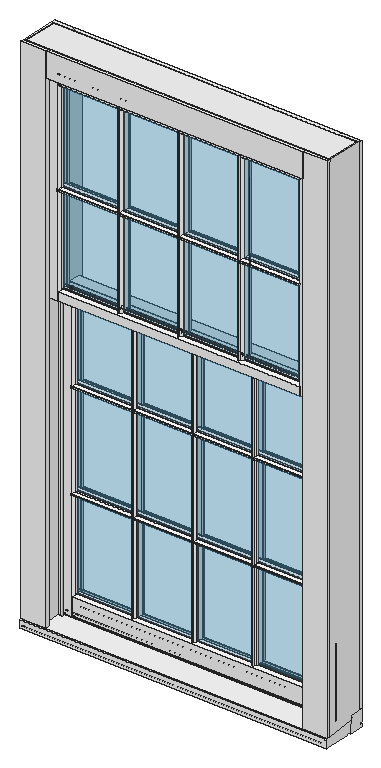
Revit family "B1-812", category Generic Models, Revit 2012 (continued)
Forms (mm)
  Extrusion 84, solid, material "White" <- "Floor Material"
    from 372.603 to 378.603
  Extrusion 85, solid, material "White" <- "Floor Material"
    sketch origin (161.496, -643.152, 0) x (-1, 0, 0) y (0, -1, 0)
      loop
        line (-232.504, -775.902) -> (-223.504, -775.902) -> (-223.504, -780.902) -> (-215.504, -780.902) -> (-215.504, -775.902) -> (-206.504, -775.902) -> (-206.504, -641.902) -> (-215.504, -641.902) -> (-215.504, -636.902) -> (-223.504, -636.902) -> (-223.504, -641.902) -> (-232.504, -641.902) -> (-232.504, -775.902)
    from 0 to 2044
  Extrusion 86, solid, material "White" <- "Floor Material"
    sketch origin (161.497, -571.902, -672) x (-1, 0, 0) y (0, -1, 0)
      loop
        line (-162.504, -700.402) -> (-157.504, -700.402) -> (-157.504, -697.402)
        arc (-157.504, -697.402) -> (-151.847, -695.059) -> (-149.504, -689.402) r 8
        line (-149.504, -689.402) -> (-146.504, -689.402) -> (-146.504, -685.402) -> (-150.504, -684.402) -> (-150.504, -681.402) -> (-162.504, -681.402) -> (-162.504, -700.402)
    from 785.004 to 1914.52
  Extrusion 87, solid, material "White" <- "Floor Material"
    sketch origin (161.497, -571.902, 455.96) x (-1, 0, 0) y (0, -1, 0)
      loop
        line (-162.504, -643.402) -> (-199.504, -643.402)
        arc (-199.504, -643.402) -> (-201.625, -644.281) -> (-202.504, -646.402) r 3
        line (-202.504, -646.402) -> (-202.504, -651.402) -> (-196.504, -651.402) -> (-196.504, -654.402) -> (-202.504, -654.402) -> (-202.504, -667.402) -> (-196.504, -667.402) -> (-196.504, -679.402) -> (-202.504, -679.402) -> (-202.504, -700.402)
        arc (-202.504, -700.402) -> (-201.625, -702.524) -> (-199.504, -703.402) r 3
        line (-199.504, -703.402) -> (-162.504, -703.402) -> (-162.504, -643.402)
    from 791.528 to 1609.495
  Extrusion 88, solid, material "White" <- "Floor Material", detail levels fine
    sketch origin (70.876, 16.904, -227.023) x (1, 0, 0) y (0, 1, 0)
      loop
        line (-8.825, 91.096) -> (11.175, 91.096) -> (11.175, 99.096) -> (9.175, 99.096) -> (9.175, 100.804)
        arc (9.175, 100.804) -> (7.675, 105.779) -> (3.675, 109.096) r 9
        line (3.675, 109.096) -> (3.675, 111.096) -> (-1.325, 111.096) -> (-1.325, 109.096)
        arc (-1.325, 109.096) -> (-5.119, 106.111) -> (-6.825, 101.596) r 9
        line (-6.825, 101.596) -> (-6.825, 99.096) -> (-8.825, 99.096) -> (-8.825, 91.096)
      loop
        line (11.175, 62.296) -> (11.175, 65.096) -> (-8.825, 65.096) -> (-8.825, 62.296) -> (-1.325, 54.142) -> (-1.325, 52.142) -> (3.675, 52.142) -> (3.675, 54.142) -> (11.175, 62.296)
    from 356.027 to 1458.543
  Extrusion 89, solid, material "White" <- "Floor Material", detail levels fine
    sketch origin (70.876, -53.846, 520.937) x (1, 0, 0) y (0, 1, 0)
      loop
        line (-8.825, 93.096) -> (11.175, 93.096) -> (11.175, 99.096) -> (9.175, 99.096) -> (9.175, 101.596) -> (3.675, 109.096) -> (3.675, 111.096) -> (-1.325, 111.096) -> (-1.325, 109.096) -> (-6.825, 101.596) -> (-6.825, 99.096) -> (-8.825, 99.096) -> (-8.825, 93.096)
      loop
        line (-8.825, 61.911) -> (-1.376, 53.757) -> (-1.376, 51.757) -> (3.624, 51.757) -> (3.624, 53.757) -> (11.175, 64.711) -> (-8.825, 64.711) -> (-8.825, 61.911)
    from 754.583 to 1502.062
  Extrusion 90, solid, material "White" <- "Floor Material"
    sketch origin (470.145, 0, 520.937) x (1, 0, 0) y (0, 1, 0)
      loop
        line (-408.094, 34) -> (-408.094, 18) -> (-388.094, 18) -> (-388.094, 34) -> (-408.094, 34)
    from 754.583 to 1496
  Extrusion 91, solid, material "White" <- "Floor Material"
    sketch origin (470.145, 71, -227.023) x (1, 0, 0) y (0, 1, 0)
      loop
        line (-408.094, 34) -> (-408.094, 18) -> (-388.094, 18) -> (-388.094, 34) -> (-408.094, 34)
    from 356.027 to 710.583
  Extrusion 92, solid, material "White" <- "Floor Material", detail levels fine
    sketch origin (418.078, 16.904, 492.825) x (0, 0, 1) y (0, 1, 0)
      loop
        line (-8.825, 91.096) -> (11.175, 91.096) -> (11.175, 99.096) -> (9.175, 99.096) -> (9.175, 101.596)
        arc (9.175, 101.596) -> (7.469, 106.111) -> (3.675, 109.096) r 9
        line (3.675, 109.096) -> (3.675, 111.096) -> (-1.325, 111.096) -> (-1.325, 109.096)
        arc (-1.325, 109.096) -> (-5.325, 105.779) -> (-6.825, 100.804) r 9
        line (-6.825, 100.804) -> (-6.825, 99.096) -> (-8.825, 99.096) -> (-8.825, 91.096)
      loop
        line (11.175, 62.296) -> (11.175, 65.096) -> (-8.825, 65.096) -> (-8.825, 62.296) -> (-1.325, 54.142) -> (-1.325, 52.142) -> (3.675, 52.142) -> (3.675, 54.142) -> (11.175, 62.296)
    from 99.077 to 1087.078
  Extrusion 93, solid, material "White" <- "Floor Material"
    sketch origin (418.078, 71, 892.094) x (0, 0, 1) y (0, 1, 0)
      loop
        line (-408.094, 34) -> (-408.094, 18) -> (-388.094, 18) -> (-388.094, 34) -> (-408.094, 34)
    from 94.077 to 1087.078
  Extrusion 94, solid, material "White" <- "Floor Material"
    sketch origin (163.418, -714.403, 707.96) x (-1, 0, 0) y (0, -1, 0)
      loop
        line (-199.504, -774.402) -> (-162.504, -774.402) -> (-162.504, -726.402) -> (-146.504, -726.402) -> (-146.504, -724.402) -> (-156.504, -714.402) -> (-199.504, -714.402)
        arc (-199.504, -714.402) -> (-201.625, -715.281) -> (-202.504, -717.402) r 3
        line (-202.504, -717.402) -> (-202.504, -738.402) -> (-196.504, -738.402) -> (-196.504, -750.402) -> (-202.504, -750.402) -> (-202.504, -763.402) -> (-196.504, -763.402) -> (-196.504, -766.402) -> (-202.504, -766.402) -> (-202.504, -771.402)
        arc (-202.504, -771.402) -> (-201.625, -773.524) -> (-199.504, -774.402) r 3
    from 523.56 to 1336.04
  Extrusion 95, solid, material "White" <- "Floor Material"
    sketch origin (-1181.481, -714.403, 1866.496) x (0, 0, -1) y (0, 1, 0)
      loop
        arc (-199.504, 774.402) -> (-201.625, 773.524) -> (-202.504, 771.402) r 3
        line (-202.504, 771.402) -> (-202.504, 766.402) -> (-196.504, 766.402) -> (-196.504, 763.402) -> (-202.504, 763.402) -> (-202.504, 750.402) -> (-196.504, 750.402) -> (-196.504, 738.402) -> (-202.504, 738.402) -> (-202.504, 717.402)
        arc (-202.504, 717.402) -> (-201.625, 715.281) -> (-199.504, 714.402) r 3
        line (-199.504, 714.402) -> (-156.504, 714.402) -> (-146.504, 724.402) -> (-146.504, 726.402) -> (-162.504, 726.402) -> (-162.504, 774.402) -> (-199.504, 774.402)
    from 513.56 to 1501.403
  Extrusion 96, solid, material "White" <- "Floor Material"
    sketch origin (1159.56, -571.902, 1855.496) x (0, 0, -1) y (0, -1, 0)
      loop
        line (-162.504, -643.402) -> (-199.504, -643.402)
        arc (-199.504, -643.402) -> (-201.625, -644.281) -> (-202.504, -646.402) r 3
        line (-202.504, -646.402) -> (-202.504, -651.402) -> (-196.504, -651.402) -> (-196.504, -654.402) -> (-202.504, -654.402) -> (-202.504, -667.402) -> (-196.504, -667.402) -> (-196.504, -679.402) -> (-202.504, -679.402) -> (-202.504, -700.402)
        arc (-202.504, -700.402) -> (-201.625, -702.524) -> (-199.504, -703.402) r 3
        line (-199.504, -703.402) -> (-162.504, -703.402) -> (-162.504, -643.402)
    from 835.564 to 1833.486
  Extrusion 97, solid, material "White" <- "Floor Material", detail levels fine
    sketch origin (418.078, -54.092, 1686.825) x (0, 0, 1) y (0, 1, 0)
      loop
        line (-58.305, 91.096) -> (-38.305, 91.096) -> (-38.305, 99.096) -> (-40.305, 99.096) -> (-40.305, 101.596)
        arc (-40.305, 101.596) -> (-42.011, 106.111) -> (-45.805, 109.096) r 9
        line (-45.805, 109.096) -> (-45.805, 111.096) -> (-50.805, 111.096) -> (-50.805, 109.096)
        arc (-50.805, 109.096) -> (-54.805, 105.779) -> (-56.305, 100.804) r 9
        line (-56.305, 100.804) -> (-56.305, 99.096) -> (-58.305, 99.096) -> (-58.305, 91.096)
      loop
        line (-38.305, 62.296) -> (-38.305, 65.096) -> (-58.305, 65.096) -> (-58.305, 62.296) -> (-50.805, 54.142) -> (-50.805, 52.142) -> (-45.805, 52.142) -> (-45.805, 54.142) -> (-38.305, 62.296)
    from 99.077 to 1087.078
  Extrusion 98, solid, material "White" <- "Floor Material"
    sketch origin (418.078, 0.004, 2086.094) x (0, 0, 1) y (0, 1, 0)
      loop
        line (-457.574, 34) -> (-457.574, 18) -> (-437.574, 18) -> (-437.574, 34) -> (-457.574, 34)
    from 94.077 to 1087.078
  Extrusion 99, solid, material "White" <- "Floor Material", detail levels fine
    sketch origin (418.078, 16.904, 885.865) x (0, 0, 1) y (0, 1, 0)
      loop
        line (-8.825, 91.096) -> (11.175, 91.096) -> (11.175, 99.096) -> (9.175, 99.096) -> (9.175, 101.596)
        arc (9.175, 101.596) -> (7.469, 106.111) -> (3.675, 109.096) r 9
        line (3.675, 109.096) -> (3.675, 111.096) -> (-1.325, 111.096) -> (-1.325, 109.096)
        arc (-1.325, 109.096) -> (-5.325, 105.779) -> (-6.825, 100.804) r 9
        line (-6.825, 100.804) -> (-6.825, 99.096) -> (-8.825, 99.096) -> (-8.825, 91.096)
      loop
        line (11.175, 62.296) -> (11.175, 65.096) -> (-8.825, 65.096) -> (-8.825, 62.296) -> (-1.325, 54.142) -> (-1.325, 52.142) -> (3.675, 52.142) -> (3.675, 54.142) -> (11.175, 62.296)
    from 99.077 to 1087.078
  Extrusion 100, solid, material "White" <- "Floor Material"
    sketch origin (418.078, 71, 1285.134) x (0, 0, 1) y (0, 1, 0)
      loop
        line (-408.094, 34) -> (-408.094, 18) -> (-388.094, 18) -> (-388.094, 34) -> (-408.094, 34)
    from 94.077 to 1087.078
Dimensions and locks
  plane 4 to level = 2144 mm
  plane 8 to plane 5 = 131 mm  (x2)
  plane 9 to plane 7 = 174 mm
  locked: plane 10 to plane 11 at 44
  locked: plane 4 to plane 12 at 100
  locked: plane 13 to plane 12 at 14
  plane 14 to level = 33 mm
  locked: Extrusion 57 to Extrusion 57 at 6
  Extrusion 4 to Extrusion 4 = 4 mm
  locked: plane 4 to plane 15 at 82
  plane 16 to level = 68 mm
  "Width": plane 17 to plane 5
  Extrusion 56 to Extrusion 23 = 2144 mm
  locked: Extrusion 84 to Extrusion 84 at 6
  plane 29 to plane 17 = 82 mm
  plane 28 to plane 17 = 131 mm
  plane 33 to level = 2144 mm
  plane 38 to level = 484 mm
  Sweep 59 sketch curve to plane 12 = 18.188 mm
  plane 12 to plane 39 = 31 mm
  plane 40 to level = 1628.52 mm
  plane 44 to level = 877.04 mm
  aligned and locked: level to plane 2
  aligned and locked: Extrusion 5 to Extrusion 6
  aligned and locked: Extrusion 33 to Extrusion 32
  aligned and locked: Extrusion 15 to plane 8
  aligned and locked: Extrusion 13 to plane 8
  aligned and locked: Extrusion 20 to plane 8
  aligned and locked: Extrusion 17 to plane 8
  aligned and locked: Extrusion 16 to plane 8
  aligned and locked: Extrusion 18 to plane 8
  aligned and locked: Extrusion 21 to plane 8
  aligned and locked: Extrusion 8 to plane 8
  aligned and locked: Extrusion 10 to plane 8
  aligned and locked: Extrusion 3 to plane 8
  aligned and locked: Extrusion 9 to plane 8
  aligned and locked: Extrusion 5 to plane 8
  aligned and locked: Extrusion 7 to plane 8
  aligned and locked: Extrusion 6 to plane 8
  aligned and locked: Extrusion 9 to Extrusion 15
  aligned and locked: Extrusion 8 to Extrusion 15
  aligned and locked: Extrusion 28 to plane 8
  aligned and locked: Extrusion 26 to plane 8
  aligned and locked: Extrusion 30 to plane 8
  aligned and locked: Extrusion 33 to plane 8
  aligned and locked: Extrusion 32 to plane 8
  aligned and locked: Extrusion 34 to plane 8
  aligned and locked: Extrusion 35 to plane 8
  aligned and locked: Extrusion 31 to plane 8
  aligned and locked: Extrusion 27 to plane 8
  aligned and locked: Extrusion 4 to plane 8
  aligned and locked: plane 10 to Extrusion 2
  aligned and locked: plane 11 to Extrusion 1
  aligned and locked: Extrusion 42 to plane 11
  aligned and locked: plane 13 to Extrusion 42
  aligned and locked: plane 13 to Extrusion 43
  aligned and locked: plane 13 to Extrusion 53
  aligned and locked: plane 13 to Extrusion 52
  aligned and locked: plane 13 to Extrusion 51
  aligned and locked: plane 13 to Extrusion 45
  aligned and locked: Extrusion 14 to Extrusion 54
  aligned and locked: Extrusion 24 to plane 17
Automatic sketch dimensions
  Extrusion 3 sketch curve to plane 10 = 0 mm  (x2)
  Extrusion 3 sketch curve to plane 11 = 0 mm  (x2)
  Extrusion 3 sketch curve to plane 1 "Center (Front/Back)" = 12 mm
  Extrusion 3 sketch curve to Extrusion 3 sketch curve = 2 mm  (x2)
  plane 10 to Extrusion 3 sketch curve = 0.491 mm
  Extrusion 3 sketch curve to Extrusion 3 sketch curve = 24 mm  (x2)
  Extrusion 3 sketch curve to Extrusion 3 sketch curve = 3 mm  (x3)
  Extrusion 3 sketch curve to Extrusion 3 sketch curve = 4 mm  (x2)
  plane 11 to Extrusion 3 sketch curve = 3 mm
  Extrusion 3 sketch curve to Extrusion 3 sketch curve = 42 mm
  Extrusion 3 sketch curve to plane 11 = 0.491 mm
  plane 11 to Extrusion 3 sketch curve = 4 mm
  Extrusion 3 sketch curve to plane 11 = 0.246 mm
  Extrusion 3 sketch curve to Extrusion 3 sketch curve = 0.246 mm  (x2)
  Extrusion 3 sketch curve to plane 10 = 4 mm
  plane 10 to Extrusion 3 sketch curve = 0.246 mm
  plane 7 to Extrusion 4 sketch curve = 67.764 mm
  Extrusion 4 sketch curve to Extrusion 4 sketch curve = 4 mm  (x2)
  Extrusion 4 sketch curve to Extrusion 4 sketch curve = 16 mm
  plane 16 to Extrusion 4 sketch curve = 49.004 mm
  Extrusion 4 sketch curve to Extrusion 4 sketch curve = 0 mm
  plane 11 to Extrusion 4 sketch curve = 16 mm  (x2)
  Extrusion 5 sketch curve to plane 10 = 16.1 mm
  Extrusion 5 sketch curve to plane 1 "Center (Front/Back)" = 61.71 mm
  Extrusion 5 sketch curve to Extrusion 5 sketch curve = 0.207 mm
  Extrusion 5 sketch curve to Extrusion 5 sketch curve = 0.208 mm
  Extrusion 5 sketch curve to Extrusion 5 sketch curve = 0.097 mm  (x2)
  Extrusion 5 sketch curve to Extrusion 5 sketch curve = 0.695 mm
  Extrusion 5 sketch curve to Extrusion 5 sketch curve = 0.01 mm
  Extrusion 5 sketch curve to Extrusion 5 sketch curve = 0.515 mm
  Extrusion 5 sketch curve to Extrusion 5 sketch curve = 0.807 mm
  Extrusion 5 sketch curve to Extrusion 5 sketch curve = 0.052 mm
  Extrusion 5 sketch curve to Extrusion 5 sketch curve = 0.494 mm
  Extrusion 5 sketch curve to Extrusion 5 sketch curve = 0.432 mm
  Extrusion 5 sketch curve to Extrusion 5 sketch curve = 0.799 mm
  Extrusion 5 sketch curve to Extrusion 5 sketch curve = 0.784 mm
  Extrusion 5 sketch curve to Extrusion 5 sketch curve = 0.893 mm  (x3)
  Extrusion 5 sketch curve to Extrusion 5 sketch curve = 3.071 mm
  Extrusion 5 sketch curve to Extrusion 5 sketch curve = 2.464 mm
  Extrusion 5 sketch curve to Extrusion 5 sketch curve = 0.602 mm  (x2)
  Extrusion 5 sketch curve to Extrusion 5 sketch curve = 2.962 mm
  Extrusion 5 sketch curve to Extrusion 5 sketch curve = 0.109 mm
  Extrusion 5 sketch curve to Extrusion 5 sketch curve = 0.606 mm
  Extrusion 5 sketch curve to Extrusion 5 sketch curve = 1.622 mm
  Extrusion 5 sketch curve to Extrusion 5 sketch curve = 0.373 mm
  Extrusion 5 sketch curve to Extrusion 5 sketch curve = 2.848 mm
  Extrusion 5 sketch curve to Extrusion 5 sketch curve = 0.798 mm
  Extrusion 5 sketch curve to Extrusion 5 sketch curve = 0.078 mm
  Extrusion 5 sketch curve to Extrusion 5 sketch curve = 0.64 mm
  Extrusion 5 sketch curve to Extrusion 5 sketch curve = 0.422 mm
  Extrusion 5 sketch curve to Extrusion 5 sketch curve = 1.377 mm
  Extrusion 5 sketch curve to Extrusion 5 sketch curve = 1.698 mm
  Extrusion 5 sketch curve to Extrusion 5 sketch curve = 0.083 mm
  Extrusion 5 sketch curve to Extrusion 5 sketch curve = 2.325 mm
  Extrusion 5 sketch curve to Extrusion 5 sketch curve = 2.362 mm
  Extrusion 5 sketch curve to Extrusion 5 sketch curve = 0.218 mm
  Extrusion 5 sketch curve to Extrusion 5 sketch curve = 0.794 mm  (x2)
  Extrusion 5 sketch curve to Extrusion 5 sketch curve = 0.584 mm
  Extrusion 5 sketch curve to Extrusion 5 sketch curve = 0.621 mm
  Extrusion 5 sketch curve to Extrusion 5 sketch curve = 0.663 mm
  Extrusion 5 sketch curve to Extrusion 5 sketch curve = 0.085 mm
  Extrusion 5 sketch curve to Extrusion 5 sketch curve = 0.645 mm
  Extrusion 5 sketch curve to Extrusion 5 sketch curve = 1.316 mm
  Extrusion 5 sketch curve to Extrusion 5 sketch curve = 0.482 mm
  Extrusion 5 sketch curve to Extrusion 5 sketch curve = 0.026 mm
  Extrusion 5 sketch curve to Extrusion 5 sketch curve = 2.763 mm
  Extrusion 5 sketch curve to Extrusion 5 sketch curve = 0.86 mm
  Extrusion 6 sketch curve to plane 10 = 16 mm
  Extrusion 6 sketch curve to plane 1 "Center (Front/Back)" = 61.71 mm
  Extrusion 6 sketch curve to Extrusion 6 sketch curve = 0.208 mm
  Extrusion 6 sketch curve to Extrusion 6 sketch curve = 0.098 mm
  Extrusion 6 sketch curve to Extrusion 6 sketch curve = 0.097 mm  (x5)
  Extrusion 6 sketch curve to Extrusion 6 sketch curve = 0.697 mm  (x2)
  Extrusion 6 sketch curve to Extrusion 6 sketch curve = 0.518 mm
  Extrusion 6 sketch curve to Extrusion 6 sketch curve = 0.694 mm
  Extrusion 6 sketch curve to Extrusion 6 sketch curve = 0.165 mm
  Extrusion 6 sketch curve to Extrusion 6 sketch curve = 0.689 mm
  Extrusion 6 sketch curve to Extrusion 6 sketch curve = 0.644 mm
  Extrusion 6 sketch curve to Extrusion 6 sketch curve = 0.799 mm
  Extrusion 6 sketch curve to Extrusion 6 sketch curve = 0.794 mm  (x4)
  Extrusion 6 sketch curve to Extrusion 6 sketch curve = 3.119 mm
  Extrusion 6 sketch curve to Extrusion 6 sketch curve = 2.365 mm
  Extrusion 6 sketch curve to Extrusion 6 sketch curve = 0.661 mm  (x2)
  Extrusion 6 sketch curve to Extrusion 6 sketch curve = 3.021 mm
  Extrusion 6 sketch curve to Extrusion 6 sketch curve = 0.541 mm
  Extrusion 6 sketch curve to Extrusion 6 sketch curve = 1.585 mm
  Extrusion 6 sketch curve to Extrusion 6 sketch curve = 0.629 mm
  Extrusion 6 sketch curve to Extrusion 6 sketch curve = 2.86 mm
  Extrusion 6 sketch curve to Extrusion 6 sketch curve = 0.091 mm
  Extrusion 6 sketch curve to Extrusion 6 sketch curve = 0.411 mm
  Extrusion 6 sketch curve to Extrusion 6 sketch curve = 0.739 mm
  Extrusion 6 sketch curve to Extrusion 6 sketch curve = 0.509 mm
  Extrusion 6 sketch curve to Extrusion 6 sketch curve = 1.464 mm
  Extrusion 6 sketch curve to Extrusion 6 sketch curve = 1.698 mm
  Extrusion 6 sketch curve to Extrusion 6 sketch curve = 0.134 mm
  Extrusion 6 sketch curve to Extrusion 6 sketch curve = 2.325 mm
  Extrusion 6 sketch curve to Extrusion 6 sketch curve = 2.323 mm
  Extrusion 6 sketch curve to Extrusion 6 sketch curve = 0.2 mm
  Extrusion 6 sketch curve to Extrusion 6 sketch curve = 0.501 mm
  Extrusion 6 sketch curve to Extrusion 6 sketch curve = 0.092 mm
  Extrusion 6 sketch curve to Extrusion 6 sketch curve = 0.722 mm
  Extrusion 6 sketch curve to Extrusion 6 sketch curve = 0.763 mm
  Extrusion 6 sketch curve to Extrusion 6 sketch curve = 0.744 mm
  Extrusion 6 sketch curve to Extrusion 6 sketch curve = 1.416 mm
  Extrusion 6 sketch curve to Extrusion 6 sketch curve = 0.365 mm
  Extrusion 6 sketch curve to Extrusion 6 sketch curve = 0.077 mm
  Extrusion 6 sketch curve to Extrusion 6 sketch curve = 2.759 mm
  Extrusion 6 sketch curve to Extrusion 6 sketch curve = 0.941 mm
  Extrusion 7 sketch curve to plane 10 = 15.718 mm
  Extrusion 7 sketch curve to plane 1 "Center (Front/Back)" = 56.897 mm
  Extrusion 7 sketch curve to Extrusion 7 sketch curve = 0.097 mm  (x2)
  Extrusion 7 sketch curve to Extrusion 7 sketch curve = 0.233 mm
  Extrusion 7 sketch curve to Extrusion 7 sketch curve = 0.437 mm
  Extrusion 7 sketch curve to Extrusion 7 sketch curve = 0.496 mm
  Extrusion 7 sketch curve to Extrusion 7 sketch curve = 0.065 mm
  Extrusion 7 sketch curve to Extrusion 7 sketch curve = 0.807 mm
  Extrusion 7 sketch curve to Extrusion 7 sketch curve = 0.052 mm
  Extrusion 7 sketch curve to Extrusion 7 sketch curve = 0.552 mm
  Extrusion 7 sketch curve to Extrusion 7 sketch curve = 0.432 mm
  Extrusion 7 sketch curve to Extrusion 7 sketch curve = 0.07 mm
  Extrusion 7 sketch curve to Extrusion 7 sketch curve = 0.799 mm
  Extrusion 7 sketch curve to Extrusion 7 sketch curve = 2.464 mm
  Extrusion 7 sketch curve to Extrusion 7 sketch curve = 5.127 mm
  Extrusion 7 sketch curve to Extrusion 7 sketch curve = 0.03 mm
  Extrusion 7 sketch curve to Extrusion 7 sketch curve = 0.032 mm
  Extrusion 7 sketch curve to Extrusion 7 sketch curve = 0.218 mm
  Extrusion 7 sketch curve to Extrusion 7 sketch curve = 0.346 mm
  Extrusion 7 sketch curve to Extrusion 7 sketch curve = 0.794 mm  (x2)
  Extrusion 7 sketch curve to Extrusion 7 sketch curve = 0.584 mm
  Extrusion 7 sketch curve to Extrusion 7 sketch curve = 0.621 mm
  Extrusion 7 sketch curve to Extrusion 7 sketch curve = 0.663 mm
  Extrusion 7 sketch curve to Extrusion 7 sketch curve = 4.187 mm
  Extrusion 7 sketch curve to Extrusion 7 sketch curve = 0.013 mm
  Extrusion 7 sketch curve to Extrusion 7 sketch curve = 0.465 mm
  Extrusion 7 sketch curve to Extrusion 7 sketch curve = 0.061 mm
  Extrusion 7 sketch curve to Extrusion 7 sketch curve = 0.661 mm
  Extrusion 7 sketch curve to Extrusion 7 sketch curve = 0.251 mm
  plane 11 to Extrusion 8 sketch curve = 16.382 mm
  Extrusion 8 sketch curve to plane 1 "Center (Front/Back)" = 69.29 mm
  Extrusion 8 sketch curve to Extrusion 8 sketch curve = 0.207 mm
  Extrusion 8 sketch curve to Extrusion 8 sketch curve = 0.208 mm
  Extrusion 8 sketch curve to Extrusion 8 sketch curve = 0.097 mm  (x2)
  Extrusion 8 sketch curve to Extrusion 8 sketch curve = 0.695 mm
  Extrusion 8 sketch curve to Extrusion 8 sketch curve = 0.01 mm
  Extrusion 8 sketch curve to Extrusion 8 sketch curve = 0.515 mm
  Extrusion 8 sketch curve to Extrusion 8 sketch curve = 0.807 mm
  Extrusion 8 sketch curve to Extrusion 8 sketch curve = 0.052 mm
  Extrusion 8 sketch curve to Extrusion 8 sketch curve = 0.494 mm
  Extrusion 8 sketch curve to Extrusion 8 sketch curve = 0.432 mm
  Extrusion 8 sketch curve to Extrusion 8 sketch curve = 0.799 mm
  Extrusion 8 sketch curve to Extrusion 8 sketch curve = 0.784 mm
  Extrusion 8 sketch curve to Extrusion 8 sketch curve = 0.893 mm  (x3)
  Extrusion 8 sketch curve to Extrusion 8 sketch curve = 3.071 mm
  Extrusion 8 sketch curve to Extrusion 8 sketch curve = 2.464 mm
  Extrusion 8 sketch curve to Extrusion 8 sketch curve = 0.602 mm  (x2)
  Extrusion 8 sketch curve to Extrusion 8 sketch curve = 2.962 mm
  Extrusion 8 sketch curve to Extrusion 8 sketch curve = 0.109 mm
  Extrusion 8 sketch curve to Extrusion 8 sketch curve = 0.606 mm
  Extrusion 8 sketch curve to Extrusion 8 sketch curve = 1.622 mm
  Extrusion 8 sketch curve to Extrusion 8 sketch curve = 0.373 mm
  Extrusion 8 sketch curve to Extrusion 8 sketch curve = 2.848 mm
  Extrusion 8 sketch curve to Extrusion 8 sketch curve = 0.798 mm
  Extrusion 8 sketch curve to Extrusion 8 sketch curve = 0.078 mm
  Extrusion 8 sketch curve to Extrusion 8 sketch curve = 0.64 mm
  Extrusion 8 sketch curve to Extrusion 8 sketch curve = 0.422 mm
  Extrusion 8 sketch curve to Extrusion 8 sketch curve = 1.377 mm
  Extrusion 8 sketch curve to Extrusion 8 sketch curve = 1.698 mm
  Extrusion 8 sketch curve to Extrusion 8 sketch curve = 0.083 mm
  Extrusion 8 sketch curve to Extrusion 8 sketch curve = 2.325 mm
  Extrusion 8 sketch curve to Extrusion 8 sketch curve = 2.362 mm
  Extrusion 8 sketch curve to Extrusion 8 sketch curve = 0.218 mm
  Extrusion 8 sketch curve to Extrusion 8 sketch curve = 0.794 mm  (x2)
  Extrusion 8 sketch curve to Extrusion 8 sketch curve = 0.584 mm
  Extrusion 8 sketch curve to Extrusion 8 sketch curve = 0.621 mm
  Extrusion 8 sketch curve to Extrusion 8 sketch curve = 0.663 mm
  Extrusion 8 sketch curve to Extrusion 8 sketch curve = 0.085 mm
  Extrusion 8 sketch curve to Extrusion 8 sketch curve = 0.645 mm
  Extrusion 8 sketch curve to Extrusion 8 sketch curve = 1.316 mm
  Extrusion 8 sketch curve to Extrusion 8 sketch curve = 0.482 mm
  Extrusion 8 sketch curve to Extrusion 8 sketch curve = 0.026 mm
  Extrusion 8 sketch curve to Extrusion 8 sketch curve = 2.763 mm
  Extrusion 8 sketch curve to Extrusion 8 sketch curve = 0.86 mm
  plane 11 to Extrusion 9 sketch curve = 16 mm
  Extrusion 9 sketch curve to plane 1 "Center (Front/Back)" = 74.103 mm
  Extrusion 9 sketch curve to Extrusion 9 sketch curve = 0.097 mm  (x2)
  Extrusion 9 sketch curve to Extrusion 9 sketch curve = 0.233 mm
  Extrusion 9 sketch curve to Extrusion 9 sketch curve = 0.437 mm
  Extrusion 9 sketch curve to Extrusion 9 sketch curve = 0.496 mm
  Extrusion 9 sketch curve to Extrusion 9 sketch curve = 0.065 mm
  Extrusion 9 sketch curve to Extrusion 9 sketch curve = 0.807 mm
  Extrusion 9 sketch curve to Extrusion 9 sketch curve = 0.052 mm
  Extrusion 9 sketch curve to Extrusion 9 sketch curve = 0.552 mm
  Extrusion 9 sketch curve to Extrusion 9 sketch curve = 0.432 mm
  Extrusion 9 sketch curve to Extrusion 9 sketch curve = 0.07 mm
  Extrusion 9 sketch curve to Extrusion 9 sketch curve = 0.799 mm
  Extrusion 9 sketch curve to Extrusion 9 sketch curve = 2.464 mm
  Extrusion 9 sketch curve to Extrusion 9 sketch curve = 5.127 mm
  Extrusion 9 sketch curve to Extrusion 9 sketch curve = 0.03 mm
  Extrusion 9 sketch curve to Extrusion 9 sketch curve = 0.032 mm
  Extrusion 9 sketch curve to Extrusion 9 sketch curve = 0.218 mm
  Extrusion 9 sketch curve to Extrusion 9 sketch curve = 0.346 mm
  Extrusion 9 sketch curve to Extrusion 9 sketch curve = 0.794 mm  (x2)
  Extrusion 9 sketch curve to Extrusion 9 sketch curve = 0.584 mm
  Extrusion 9 sketch curve to Extrusion 9 sketch curve = 0.621 mm
  Extrusion 9 sketch curve to Extrusion 9 sketch curve = 0.663 mm
  Extrusion 9 sketch curve to Extrusion 9 sketch curve = 4.187 mm
  Extrusion 9 sketch curve to Extrusion 9 sketch curve = 0.013 mm
  Extrusion 9 sketch curve to Extrusion 9 sketch curve = 0.465 mm
  Extrusion 9 sketch curve to Extrusion 9 sketch curve = 0.061 mm
  Extrusion 9 sketch curve to Extrusion 9 sketch curve = 0.661 mm
  Extrusion 9 sketch curve to Extrusion 9 sketch curve = 0.251 mm
  Extrusion 10 sketch curve to plane 1 "Center (Front/Back)" = 12 mm
  Extrusion 10 sketch curve to Extrusion 10 sketch curve = 26 mm  (x2)
  plane 11 to Extrusion 10 sketch curve = 12 mm
  Extrusion 10 sketch curve to Extrusion 10 sketch curve = 45 mm
  Extrusion 10 sketch curve to Extrusion 10 sketch curve = 4 mm  (x2)
  Extrusion 10 sketch curve to plane 10 = 16 mm
  plane 39 to Extrusion 13 sketch curve = 3.937 mm
  Extrusion 13 sketch curve to plane 1 "Center (Front/Back)" = 38.25 mm
  Extrusion 13 sketch curve to Extrusion 13 sketch curve = 3 mm  (x2)
  plane 15 to Extrusion 13 sketch curve = 7.62 mm
  Extrusion 13 sketch curve to Extrusion 13 sketch curve = 3.601 mm
  plane 15 to Extrusion 13 sketch curve = 11.305 mm
  Extrusion 13 sketch curve to Extrusion 13 sketch curve = 0.187 mm
  Extrusion 13 sketch curve to plane 39 = 0.063 mm
  Extrusion 13 sketch curve to Extrusion 13 sketch curve = 1 mm
  Extrusion 13 sketch curve to Extrusion 13 sketch curve = 0.649 mm
  plane 15 to Extrusion 13 sketch curve = 10.497 mm
  Extrusion 13 sketch curve to Extrusion 13 sketch curve = 2.265 mm
  Extrusion 13 sketch curve to Extrusion 13 sketch curve = 0.863 mm
  Extrusion 13 sketch curve to Extrusion 13 sketch curve = 0.001 mm
  Extrusion 13 sketch curve to Extrusion 13 sketch curve = 5 mm  (x2)
  plane 15 to Extrusion 13 sketch curve = 15.566 mm
  Extrusion 13 sketch curve to Extrusion 13 sketch curve = 1.118 mm
  Extrusion 13 sketch curve to Extrusion 13 sketch curve = 0.702 mm  (x2)
  plane 15 to Extrusion 13 sketch curve = 14.005 mm
  plane 15 to Extrusion 13 sketch curve = 2.625 mm
  Extrusion 13 sketch curve to Extrusion 13 sketch curve = 5.889 mm
  Extrusion 13 sketch curve to Extrusion 13 sketch curve = 0.861 mm
  Extrusion 13 sketch curve to Extrusion 13 sketch curve = 1.943 mm
  Extrusion 13 sketch curve to Extrusion 13 sketch curve = 1.982 mm
  plane 15 to Extrusion 13 sketch curve = 2.22 mm
  Extrusion 13 sketch curve to Extrusion 13 sketch curve = 0.1 mm
  Extrusion 13 sketch curve to Extrusion 13 sketch curve = 1.022 mm
  Extrusion 13 sketch curve to Extrusion 13 sketch curve = 0.095 mm
  Extrusion 13 sketch curve to Extrusion 13 sketch curve = 0.7 mm
  Extrusion 13 sketch curve to Extrusion 13 sketch curve = 1.018 mm
  Extrusion 13 sketch curve to Extrusion 13 sketch curve = 8 mm
  plane 39 to Extrusion 13 sketch curve = 2.937 mm
  Extrusion 13 sketch curve to Extrusion 13 sketch curve = 0.405 mm
  Extrusion 13 sketch curve to Extrusion 13 sketch curve = 1.234 mm
  Extrusion 13 sketch curve to Extrusion 13 sketch curve = 2.583 mm
  Extrusion 13 sketch curve to Extrusion 13 sketch curve = 0.9 mm
  Extrusion 13 sketch curve to Extrusion 13 sketch curve = 1.71 mm
  plane 1 "Center (Front/Back)" to Extrusion 14 sketch curve = 1.25 mm
  Extrusion 14 sketch curve to plane 4 = 6 mm
  plane 7 to Extrusion 14 sketch curve = 20 mm
  plane 15 to Extrusion 14 sketch curve = 32 mm
  Extrusion 15 sketch curve to plane 10 = 0 mm  (x2)
  Extrusion 15 sketch curve to plane 1 "Center (Front/Back)" = 14 mm
  Extrusion 15 sketch curve to Extrusion 15 sketch curve = 4 mm  (x2)
  Extrusion 15 sketch curve to Extrusion 15 sketch curve = 16.25 mm
  plane 39 to Extrusion 15 sketch curve = 10.937 mm  (x2)
  plane 1 "Center (Front/Back)" to Extrusion 16 sketch curve = 3.465 mm
  Extrusion 16 sketch curve to Extrusion 16 sketch curve = 1.414 mm
  Extrusion 16 sketch curve to plane 15 = 1.206 mm
  Extrusion 16 sketch curve to plane 15 = 0.117 mm
  plane 15 to Extrusion 16 sketch curve = 2.992 mm
  Extrusion 16 sketch curve to Extrusion 16 sketch curve = 1.085 mm
  plane 15 to Extrusion 17 sketch curve = 2.687 mm
  plane 1 "Center (Front/Back)" to Extrusion 17 sketch curve = 8.25 mm
  plane 15 to Extrusion 17 sketch curve = 0.187 mm
  Extrusion 17 sketch curve to Extrusion 17 sketch curve = 4 mm
  Extrusion 17 sketch curve to Extrusion 17 sketch curve = 0 mm
  Extrusion 17 sketch curve to Extrusion 17 sketch curve = 0.786 mm
  Extrusion 17 sketch curve to Extrusion 17 sketch curve = 1.414 mm  (x2)
  Extrusion 17 sketch curve to Extrusion 17 sketch curve = 0.8 mm  (x2)
  Extrusion 17 sketch curve to plane 15 = 0.117 mm
  Extrusion 17 sketch curve to plane 15 = 1.206 mm
  Extrusion 17 sketch curve to Extrusion 17 sketch curve = 0.857 mm  (x2)
  plane 15 to Extrusion 17 sketch curve = 2.992 mm
  Extrusion 17 sketch curve to Extrusion 17 sketch curve = 1.089 mm
  plane 1 "Center (Front/Back)" to Extrusion 18 sketch curve = 2.05 mm
  Extrusion 18 sketch curve to plane 1 "Center (Front/Back)" = 2.612 mm
  Extrusion 18 sketch curve to plane 15 = 1.419 mm
  plane 15 to Extrusion 18 sketch curve = 0.664 mm
  Extrusion 18 sketch curve to Extrusion 18 sketch curve = 1.235 mm
  plane 15 to Extrusion 18 sketch curve = 4.262 mm
  plane 15 to Extrusion 19 sketch curve = 4.078 mm
  plane 7 to Extrusion 19 sketch curve = 17.786 mm
  Extrusion 19 sketch curve to Extrusion 19 sketch curve = 1.414 mm
  Extrusion 19 sketch curve to Extrusion 19 sketch curve = 1.085 mm
  Extrusion 19 sketch curve to plane 15 = 0.117 mm
  Extrusion 19 sketch curve to Extrusion 19 sketch curve = 1.089 mm
  Extrusion 20 sketch curve to plane 15 = 1.899 mm
  Extrusion 20 sketch curve to plane 7 = 19.2 mm
  plane 15 to Extrusion 20 sketch curve = 1.419 mm
  Extrusion 20 sketch curve to Extrusion 20 sketch curve = 4.662 mm
  Extrusion 20 sketch curve to plane 15 = 0.664 mm
  Extrusion 20 sketch curve to plane 15 = 4.262 mm
  Extrusion 21 sketch curve to plane 1 "Center (Front/Back)" = 12.25 mm
  Extrusion 21 sketch curve to Extrusion 21 sketch curve = 1.75 mm
  plane 39 to Extrusion 21 sketch curve = 3.937 mm
  Extrusion 21 sketch curve to Extrusion 21 sketch curve = 24.25 mm
  Extrusion 21 sketch curve to Extrusion 21 sketch curve = 3 mm
  Extrusion 21 sketch curve to plane 39 = 0.063 mm
  Extrusion 21 sketch curve to Extrusion 21 sketch curve = 4 mm
  plane 39 to Extrusion 21 sketch curve = 0.938 mm
  plane 39 to Extrusion 21 sketch curve = 1.152 mm
  Extrusion 21 sketch curve to Extrusion 21 sketch curve = 14.785 mm
  Extrusion 23 sketch curve to plane 14 = 0 mm
  Extrusion 23 sketch curve to level = 0 mm  (x2)
  plane 7 to Extrusion 23 sketch curve = 49.25 mm
  level to Extrusion 23 sketch curve = 5 mm
  Extrusion 23 sketch curve to Extrusion 23 sketch curve = 5 mm  (x2)
  Extrusion 23 sketch curve to Extrusion 23 sketch curve = 20 mm
  level to Extrusion 23 sketch curve = 2 mm
  Extrusion 23 sketch curve to plane 6 = 6.75 mm
  Extrusion 23 sketch curve to Extrusion 23 sketch curve = 3 mm
  plane 6 to Extrusion 23 sketch curve = 1.25 mm
  plane 14 to Extrusion 23 sketch curve = 0.098 mm
  plane 6 to Extrusion 23 sketch curve = 1.616 mm
  Extrusion 23 sketch curve to plane 14 = 2.879 mm
  plane 14 to Extrusion 23 sketch curve = 15 mm
  Extrusion 24 sketch curve to level = 0 mm
  Extrusion 24 sketch curve to plane 16 = 0 mm
  Extrusion 24 sketch curve to plane 14 = 0 mm
  plane 7 to Extrusion 24 sketch curve = 0.25 mm  (x2)
  Extrusion 24 sketch curve to Extrusion 24 sketch curve = 10 mm  (x2)
  Extrusion 24 sketch curve to Extrusion 24 sketch curve = 20 mm
  Extrusion 24 sketch curve to Extrusion 24 sketch curve = 39 mm
  Extrusion 24 sketch curve to Extrusion 24 sketch curve = 5 mm  (x2)
  Extrusion 24 sketch curve to plane 16 = 4.175 mm
  Extrusion 24 sketch curve to Extrusion 24 sketch curve = 4.913 mm  (x2)
  Extrusion 24 sketch curve to Extrusion 24 sketch curve = 3 mm
  Extrusion 24 sketch curve to plane 14 = 13 mm
  plane 7 to Extrusion 25 sketch curve = 21.75 mm
  Extrusion 25 sketch curve to Extrusion 25 sketch curve = 2.634 mm
  Extrusion 25 sketch curve to Extrusion 25 sketch curve = 3 mm  (x4)
  plane 16 to Extrusion 25 sketch curve = 2.389 mm
  Extrusion 25 sketch curve to Extrusion 25 sketch curve = 5.366 mm
  Extrusion 25 sketch curve to Extrusion 25 sketch curve = 11 mm  (x2)
  Extrusion 25 sketch curve to Extrusion 25 sketch curve = 26 mm
  Extrusion 25 sketch curve to Extrusion 25 sketch curve = 8 mm
  Extrusion 25 sketch curve to plane 16 = 16.295 mm
  Extrusion 25 sketch curve to Extrusion 25 sketch curve = 4 mm
  Extrusion 25 sketch curve to Extrusion 25 sketch curve = 14 mm
  Extrusion 25 sketch curve to Extrusion 25 sketch curve = 2 mm
  plane 14 to Extrusion 25 sketch curve = 15.571 mm
  Extrusion 25 sketch curve to Extrusion 25 sketch curve = 4.634 mm
  Extrusion 25 sketch curve to Extrusion 25 sketch curve = 0.366 mm
  plane 16 to Extrusion 25 sketch curve = 3.048 mm
  plane 16 to Extrusion 25 sketch curve = 5.67 mm  (x2)
  Extrusion 25 sketch curve to Extrusion 25 sketch curve = 5.632 mm
  Extrusion 25 sketch curve to Extrusion 25 sketch curve = 39.334 mm
  Extrusion 25 sketch curve to Extrusion 25 sketch curve = 0 mm
  Extrusion 25 sketch curve to Extrusion 25 sketch curve = 6 mm
  Extrusion 25 sketch curve to Extrusion 25 sketch curve = 10 mm
  plane 16 to Extrusion 25 sketch curve = 2.021 mm
  plane 16 to Extrusion 25 sketch curve = 0.67 mm
  Extrusion 25 sketch curve to Extrusion 25 sketch curve = 7.416 mm
  Extrusion 25 sketch curve to Extrusion 25 sketch curve = 2.409 mm
  Extrusion 25 sketch curve to Extrusion 25 sketch curve = 1.784 mm
  plane 7 to Extrusion 26 sketch curve = 17.224 mm
  Extrusion 26 sketch curve to Extrusion 26 sketch curve = 1.5 mm  (x2)
  Extrusion 26 sketch curve to Extrusion 26 sketch curve = 5.315 mm
  plane 16 to Extrusion 26 sketch curve = 11.278 mm
  Extrusion 26 sketch curve to Extrusion 26 sketch curve = 1.278 mm
  Extrusion 26 sketch curve to Extrusion 26 sketch curve = 1.655 mm  (x2)
  Extrusion 26 sketch curve to Extrusion 26 sketch curve = 1.69 mm
  plane 16 to Extrusion 26 sketch curve = 3.722 mm
  plane 7 to Extrusion 27 sketch curve = 24.75 mm
  Extrusion 27 sketch curve to Extrusion 27 sketch curve = 3 mm  (x3)
  Extrusion 27 sketch curve to Extrusion 27 sketch curve = 8 mm
  Extrusion 27 sketch curve to Extrusion 27 sketch curve = 4 mm  (x2)
  Extrusion 27 sketch curve to Extrusion 27 sketch curve = 1 mm
  plane 16 to Extrusion 27 sketch curve = 61.004 mm
  Extrusion 27 sketch curve to Extrusion 27 sketch curve = 5 mm
  plane 7 to Extrusion 28 sketch curve = 43.75 mm
  Extrusion 28 sketch curve to Extrusion 28 sketch curve = 24 mm
  Extrusion 28 sketch curve to Extrusion 28 sketch curve = 2 mm
  plane 16 to Extrusion 28 sketch curve = 58.25 mm
  Extrusion 28 sketch curve to Extrusion 28 sketch curve = 0.246 mm
  Extrusion 28 sketch curve to Extrusion 28 sketch curve = 9.246 mm
  Extrusion 28 sketch curve to Extrusion 28 sketch curve = 4 mm
  plane 14 to Extrusion 29 sketch curve = 15.645 mm
  plane 7 to Extrusion 29 sketch curve = 70.641 mm
  Extrusion 29 sketch curve to plane 16 = 14.53 mm
  Extrusion 29 sketch curve to Extrusion 29 sketch curve = 0.207 mm
  plane 14 to Extrusion 29 sketch curve = 17.343 mm
  Extrusion 29 sketch curve to Extrusion 29 sketch curve = 0.208 mm
  Extrusion 29 sketch curve to plane 16 = 13.736 mm
  Extrusion 29 sketch curve to Extrusion 29 sketch curve = 0.097 mm  (x2)
  Extrusion 29 sketch curve to Extrusion 29 sketch curve = 0.695 mm
  plane 14 to Extrusion 29 sketch curve = 14.86 mm
  Extrusion 29 sketch curve to Extrusion 29 sketch curve = 0.01 mm
  Extrusion 29 sketch curve to plane 16 = 16.892 mm
  Extrusion 29 sketch curve to Extrusion 29 sketch curve = 0.515 mm
  Extrusion 29 sketch curve to plane 16 = 13.729 mm
  Extrusion 29 sketch curve to Extrusion 29 sketch curve = 0.807 mm
  Extrusion 29 sketch curve to plane 16 = 13.065 mm
  Extrusion 29 sketch curve to Extrusion 29 sketch curve = 0.052 mm
  Extrusion 29 sketch curve to plane 16 = 16.975 mm
  Extrusion 29 sketch curve to Extrusion 29 sketch curve = 0.494 mm
  Extrusion 29 sketch curve to plane 16 = 14.312 mm
  Extrusion 29 sketch curve to Extrusion 29 sketch curve = 0.432 mm
  Extrusion 29 sketch curve to plane 16 = 13.107 mm
  Extrusion 29 sketch curve to Extrusion 29 sketch curve = 0.799 mm
  plane 14 to Extrusion 29 sketch curve = 17.022 mm
  Extrusion 29 sketch curve to Extrusion 29 sketch curve = 0.784 mm
  Extrusion 29 sketch curve to Extrusion 29 sketch curve = 0.893 mm
  plane 14 to Extrusion 29 sketch curve = 9.784 mm
  Extrusion 29 sketch curve to Extrusion 29 sketch curve = 3.071 mm
  Extrusion 29 sketch curve to plane 16 = 14.76 mm
  Extrusion 29 sketch curve to Extrusion 29 sketch curve = 2.464 mm
  Extrusion 29 sketch curve to plane 16 = 13.966 mm
  Extrusion 29 sketch curve to Extrusion 29 sketch curve = 0.602 mm  (x2)
  Extrusion 29 sketch curve to Extrusion 29 sketch curve = 2.962 mm
  plane 14 to Extrusion 29 sketch curve = 14.106 mm
  Extrusion 29 sketch curve to Extrusion 29 sketch curve = 0.109 mm
  plane 14 to Extrusion 29 sketch curve = 12.547 mm
  Extrusion 29 sketch curve to Extrusion 29 sketch curve = 0.606 mm
  Extrusion 29 sketch curve to Extrusion 29 sketch curve = 1.622 mm
  Extrusion 29 sketch curve to Extrusion 29 sketch curve = 0.373 mm
  Extrusion 29 sketch curve to Extrusion 29 sketch curve = 2.848 mm
  plane 14 to Extrusion 29 sketch curve = 12.039 mm
  Extrusion 29 sketch curve to Extrusion 29 sketch curve = 0.798 mm
  plane 14 to Extrusion 29 sketch curve = 16.068 mm
  Extrusion 29 sketch curve to Extrusion 29 sketch curve = 0.078 mm
  Extrusion 29 sketch curve to Extrusion 29 sketch curve = 0.64 mm
  Extrusion 29 sketch curve to Extrusion 29 sketch curve = 0.645 mm
  Extrusion 29 sketch curve to Extrusion 29 sketch curve = 0.026 mm
  Extrusion 29 sketch curve to Extrusion 29 sketch curve = 0.86 mm
  Extrusion 30 sketch curve to plane 16 = 14.53 mm
  plane 7 to Extrusion 30 sketch curve = 70.848 mm
  Extrusion 30 sketch curve to plane 16 = 13.736 mm
  Extrusion 30 sketch curve to Extrusion 30 sketch curve = 0.097 mm  (x2)
  plane 14 to Extrusion 30 sketch curve = 15.804 mm
  Extrusion 30 sketch curve to Extrusion 30 sketch curve = 0.233 mm
  Extrusion 30 sketch curve to Extrusion 30 sketch curve = 0.437 mm
  Extrusion 30 sketch curve to Extrusion 30 sketch curve = 0.059 mm
  Extrusion 30 sketch curve to Extrusion 30 sketch curve = 0.065 mm
  Extrusion 30 sketch curve to plane 16 = 13.729 mm
  Extrusion 30 sketch curve to Extrusion 30 sketch curve = 0.807 mm
  Extrusion 30 sketch curve to plane 16 = 13.065 mm
  Extrusion 30 sketch curve to Extrusion 30 sketch curve = 0.052 mm
  Extrusion 30 sketch curve to Extrusion 30 sketch curve = 0.552 mm
  Extrusion 30 sketch curve to plane 16 = 14.312 mm
  Extrusion 30 sketch curve to Extrusion 30 sketch curve = 0.432 mm
  Extrusion 30 sketch curve to Extrusion 30 sketch curve = 0.07 mm
  Extrusion 30 sketch curve to plane 16 = 13.107 mm
  Extrusion 30 sketch curve to Extrusion 30 sketch curve = 0.799 mm
  Extrusion 30 sketch curve to plane 16 = 14.76 mm
  Extrusion 30 sketch curve to Extrusion 30 sketch curve = 2.464 mm
  Extrusion 30 sketch curve to plane 16 = 13.966 mm
  plane 14 to Extrusion 30 sketch curve = 14.567 mm
  Extrusion 30 sketch curve to Extrusion 30 sketch curve = 5.127 mm
  Extrusion 30 sketch curve to Extrusion 30 sketch curve = 0.03 mm
  Extrusion 30 sketch curve to Extrusion 30 sketch curve = 0.032 mm
  Extrusion 30 sketch curve to Extrusion 30 sketch curve = 0.478 mm
  Extrusion 30 sketch curve to Extrusion 30 sketch curve = 0.013 mm
  Extrusion 30 sketch curve to Extrusion 30 sketch curve = 0.061 mm
  Extrusion 30 sketch curve to Extrusion 30 sketch curve = 0.502 mm
  plane 7 to Extrusion 31 sketch curve = 47.75 mm
  Extrusion 31 sketch curve to Extrusion 31 sketch curve = 16 mm
  plane 16 to Extrusion 31 sketch curve = 59.004 mm
  Extrusion 31 sketch curve to Extrusion 31 sketch curve = 10 mm
  plane 16 to Extrusion 32 sketch curve = 0.679 mm
  plane 7 to Extrusion 32 sketch curve = 29.641 mm
  plane 16 to Extrusion 32 sketch curve = 5.504 mm
  Extrusion 32 sketch curve to Extrusion 32 sketch curve = 0.207 mm
  plane 16 to Extrusion 32 sketch curve = 2.377 mm
  Extrusion 32 sketch curve to Extrusion 32 sketch curve = 0.208 mm
  plane 16 to Extrusion 32 sketch curve = 6.298 mm
  Extrusion 32 sketch curve to Extrusion 32 sketch curve = 0.097 mm  (x2)
  Extrusion 32 sketch curve to Extrusion 32 sketch curve = 0.695 mm
  Extrusion 32 sketch curve to plane 16 = 0.106 mm
  Extrusion 32 sketch curve to Extrusion 32 sketch curve = 0.01 mm
  plane 16 to Extrusion 32 sketch curve = 3.142 mm
  Extrusion 32 sketch curve to Extrusion 32 sketch curve = 0.515 mm
  plane 16 to Extrusion 32 sketch curve = 6.306 mm
  Extrusion 32 sketch curve to Extrusion 32 sketch curve = 0.807 mm
  plane 16 to Extrusion 32 sketch curve = 6.969 mm
  Extrusion 32 sketch curve to Extrusion 32 sketch curve = 0.052 mm
  plane 16 to Extrusion 32 sketch curve = 3.059 mm
  Extrusion 32 sketch curve to Extrusion 32 sketch curve = 0.494 mm
  plane 16 to Extrusion 32 sketch curve = 5.722 mm
  Extrusion 32 sketch curve to Extrusion 32 sketch curve = 0.432 mm
  plane 16 to Extrusion 32 sketch curve = 6.927 mm
  Extrusion 32 sketch curve to Extrusion 32 sketch curve = 0.799 mm
  plane 16 to Extrusion 32 sketch curve = 2.056 mm
  Extrusion 32 sketch curve to Extrusion 32 sketch curve = 0.784 mm
  Extrusion 32 sketch curve to Extrusion 32 sketch curve = 0.893 mm
  Extrusion 32 sketch curve to plane 16 = 5.182 mm
  Extrusion 32 sketch curve to Extrusion 32 sketch curve = 3.071 mm
  plane 16 to Extrusion 32 sketch curve = 5.274 mm
  Extrusion 32 sketch curve to Extrusion 32 sketch curve = 2.464 mm
  plane 16 to Extrusion 32 sketch curve = 6.068 mm
  Extrusion 32 sketch curve to Extrusion 32 sketch curve = 0.602 mm  (x2)
  Extrusion 32 sketch curve to plane 16 = 1.754 mm
  Extrusion 32 sketch curve to Extrusion 32 sketch curve = 2.962 mm
  Extrusion 32 sketch curve to plane 16 = 0.86 mm
  Extrusion 32 sketch curve to Extrusion 32 sketch curve = 0.109 mm
  Extrusion 32 sketch curve to plane 16 = 2.419 mm
  Extrusion 32 sketch curve to Extrusion 32 sketch curve = 1.622 mm
  Extrusion 32 sketch curve to Extrusion 32 sketch curve = 0.373 mm
  plane 16 to Extrusion 32 sketch curve = 0.456 mm
  Extrusion 32 sketch curve to Extrusion 32 sketch curve = 2.848 mm
  Extrusion 32 sketch curve to plane 16 = 2.927 mm
  Extrusion 32 sketch curve to Extrusion 32 sketch curve = 0.798 mm
  plane 16 to Extrusion 32 sketch curve = 1.102 mm
  Extrusion 32 sketch curve to Extrusion 32 sketch curve = 0.078 mm
  plane 16 to Extrusion 32 sketch curve = 0.345 mm
  Extrusion 32 sketch curve to Extrusion 32 sketch curve = 0.026 mm
  Extrusion 32 sketch curve to Extrusion 32 sketch curve = 0.86 mm
  plane 16 to Extrusion 33 sketch curve = 0.691 mm
  plane 7 to Extrusion 33 sketch curve = 29.542 mm
  plane 16 to Extrusion 33 sketch curve = 2.389 mm
  Extrusion 33 sketch curve to Extrusion 33 sketch curve = 0.208 mm
  plane 16 to Extrusion 33 sketch curve = 5.504 mm
  Extrusion 33 sketch curve to Extrusion 33 sketch curve = 0.098 mm
  plane 16 to Extrusion 33 sketch curve = 6.298 mm
  Extrusion 33 sketch curve to Extrusion 33 sketch curve = 0.097 mm  (x4)
  Extrusion 33 sketch curve to plane 16 = 0.2 mm
  Extrusion 33 sketch curve to Extrusion 33 sketch curve = 0.697 mm  (x2)
  plane 16 to Extrusion 33 sketch curve = 3.181 mm
  Extrusion 33 sketch curve to Extrusion 33 sketch curve = 0.518 mm
  plane 16 to Extrusion 33 sketch curve = 0.594 mm
  plane 16 to Extrusion 33 sketch curve = 6.205 mm
  Extrusion 33 sketch curve to Extrusion 33 sketch curve = 0.694 mm
  plane 16 to Extrusion 33 sketch curve = 6.969 mm
  Extrusion 33 sketch curve to Extrusion 33 sketch curve = 0.165 mm
  plane 16 to Extrusion 33 sketch curve = 3.047 mm
  Extrusion 33 sketch curve to Extrusion 33 sketch curve = 0.689 mm
  plane 16 to Extrusion 33 sketch curve = 5.704 mm
  Extrusion 33 sketch curve to Extrusion 33 sketch curve = 0.644 mm
  plane 16 to Extrusion 33 sketch curve = 6.927 mm
  Extrusion 33 sketch curve to Extrusion 33 sketch curve = 0.799 mm
  Extrusion 33 sketch curve to Extrusion 33 sketch curve = 0.794 mm
  Extrusion 33 sketch curve to plane 16 = 5.101 mm
  Extrusion 33 sketch curve to Extrusion 33 sketch curve = 3.119 mm
  plane 16 to Extrusion 33 sketch curve = 5.274 mm
  Extrusion 33 sketch curve to Extrusion 33 sketch curve = 2.365 mm
  plane 16 to Extrusion 33 sketch curve = 6.068 mm
  Extrusion 33 sketch curve to Extrusion 33 sketch curve = 0.661 mm  (x2)
  Extrusion 33 sketch curve to plane 16 = 1.754 mm
  Extrusion 33 sketch curve to Extrusion 33 sketch curve = 3.021 mm
  Extrusion 33 sketch curve to plane 16 = 0.959 mm
  Extrusion 33 sketch curve to Extrusion 33 sketch curve = 0.541 mm
  Extrusion 33 sketch curve to Extrusion 33 sketch curve = 1.585 mm
  Extrusion 33 sketch curve to plane 16 = 3.616 mm
  Extrusion 33 sketch curve to Extrusion 33 sketch curve = 0.629 mm
  plane 16 to Extrusion 33 sketch curve = 0.456 mm
  Extrusion 33 sketch curve to Extrusion 33 sketch curve = 2.86 mm
  Extrusion 33 sketch curve to Extrusion 33 sketch curve = 0.091 mm
  Extrusion 33 sketch curve to Extrusion 33 sketch curve = 0.411 mm
  plane 16 to Extrusion 33 sketch curve = 0.327 mm
  Extrusion 33 sketch curve to Extrusion 33 sketch curve = 0.739 mm
  Extrusion 33 sketch curve to Extrusion 33 sketch curve = 0.909 mm
  Extrusion 33 sketch curve to Extrusion 33 sketch curve = 0.941 mm
  plane 16 to Extrusion 34 sketch curve = 5.504 mm
  plane 7 to Extrusion 34 sketch curve = 29.848 mm
  plane 16 to Extrusion 34 sketch curve = 6.298 mm
  Extrusion 34 sketch curve to Extrusion 34 sketch curve = 0.097 mm  (x2)
  plane 16 to Extrusion 34 sketch curve = 0.839 mm
  Extrusion 34 sketch curve to Extrusion 34 sketch curve = 0.233 mm
  plane 16 to Extrusion 34 sketch curve = 0.281 mm
  Extrusion 34 sketch curve to Extrusion 34 sketch curve = 0.437 mm
  Extrusion 34 sketch curve to Extrusion 34 sketch curve = 0.059 mm
  Extrusion 34 sketch curve to Extrusion 34 sketch curve = 0.065 mm
  plane 16 to Extrusion 34 sketch curve = 6.306 mm
  Extrusion 34 sketch curve to Extrusion 34 sketch curve = 0.807 mm
  plane 16 to Extrusion 34 sketch curve = 6.969 mm
  Extrusion 34 sketch curve to Extrusion 34 sketch curve = 0.052 mm
  Extrusion 34 sketch curve to Extrusion 34 sketch curve = 0.552 mm
  plane 16 to Extrusion 34 sketch curve = 5.722 mm
  Extrusion 34 sketch curve to Extrusion 34 sketch curve = 0.432 mm
  Extrusion 34 sketch curve to Extrusion 34 sketch curve = 0.07 mm
  plane 16 to Extrusion 34 sketch curve = 6.927 mm
  Extrusion 34 sketch curve to Extrusion 34 sketch curve = 0.799 mm
  plane 16 to Extrusion 34 sketch curve = 5.274 mm
  Extrusion 34 sketch curve to Extrusion 34 sketch curve = 2.464 mm
  plane 16 to Extrusion 34 sketch curve = 6.068 mm
  Extrusion 34 sketch curve to plane 16 = 0.399 mm
  Extrusion 34 sketch curve to Extrusion 34 sketch curve = 5.127 mm
  Extrusion 34 sketch curve to Extrusion 34 sketch curve = 0.03 mm
  plane 16 to Extrusion 34 sketch curve = 0.103 mm
  Extrusion 34 sketch curve to Extrusion 34 sketch curve = 0.032 mm
  Extrusion 34 sketch curve to Extrusion 34 sketch curve = 0.539 mm
  Extrusion 34 sketch curve to Extrusion 34 sketch curve = 0.526 mm
  plane 7 to Extrusion 35 sketch curve = 39.75 mm
  Extrusion 35 sketch curve to Extrusion 35 sketch curve = 1 mm
  Extrusion 35 sketch curve to Extrusion 35 sketch curve = 3 mm  (x2)
  Extrusion 35 sketch curve to Extrusion 35 sketch curve = 24 mm
  Extrusion 35 sketch curve to Extrusion 35 sketch curve = 2 mm
  plane 16 to Extrusion 35 sketch curve = 61.495 mm
  Extrusion 35 sketch curve to Extrusion 35 sketch curve = 0.246 mm  (x3)
  Extrusion 35 sketch curve to Extrusion 35 sketch curve = 0.491 mm
  Extrusion 35 sketch curve to Extrusion 35 sketch curve = 4 mm
  plane 5 to Extrusion 36 sketch curve = 7.079 mm
  plane 5 to Extrusion 36 sketch curve = 8.579 mm  (x2)
  plane 5 to Extrusion 36 sketch curve = 31.079 mm  (x2)
  Extrusion 36 sketch curve to Extrusion 36 sketch curve = 22.5 mm  (x4)
  Extrusion 36 sketch curve to plane 1 "Center (Front/Back)" = 7.75 mm
  Extrusion 36 sketch curve to Extrusion 36 sketch curve = 1.5 mm
  Extrusion 36 sketch curve to Extrusion 36 sketch curve = 20 mm
  Extrusion 36 sketch curve to Extrusion 36 sketch curve = 7 mm
  Extrusion 36 sketch curve to Extrusion 36 sketch curve = 14 mm
  Extrusion 36 sketch curve to plane 1 "Center (Front/Back)" = 30.25 mm
  Extrusion 36 sketch curve to Extrusion 36 sketch curve = 9 mm
  Extrusion 36 sketch curve to Extrusion 36 sketch curve = 11.5 mm  (x2)
  Extrusion 36 sketch curve to Extrusion 36 sketch curve = 4 mm
  Extrusion 36 sketch curve to Extrusion 36 sketch curve = 3 mm
  plane 7 to Extrusion 36 sketch curve = 29 mm
  plane 5 to Extrusion 37 sketch curve = 34.063 mm  (x2)
  Extrusion 37 sketch curve to Extrusion 37 sketch curve = 45 mm  (x2)
  Extrusion 37 sketch curve to Extrusion 37 sketch curve = 0 mm  (x2)
  Extrusion 37 sketch curve to Extrusion 37 sketch curve = 3 mm  (x2)
  Extrusion 37 sketch curve to plane 1 "Center (Front/Back)" = 14.937 mm
  Extrusion 37 sketch curve to plane 1 "Center (Front/Back)" = 21.437 mm
  Extrusion 37 sketch curve to Extrusion 37 sketch curve = 16 mm  (x2)
  Extrusion 37 sketch curve to Extrusion 37 sketch curve = 6.5 mm  (x3)
  Extrusion 37 sketch curve to Extrusion 37 sketch curve = 42 mm
  Extrusion 38 sketch curve to plane 8 = 44.922 mm
  Extrusion 38 sketch curve to Extrusion 38 sketch curve = 0 mm  (x2)
  Extrusion 38 sketch curve to Extrusion 38 sketch curve = 3 mm  (x3)
  Extrusion 38 sketch curve to Extrusion 38 sketch curve = 6 mm  (x2)
  Extrusion 38 sketch curve to plane 8 = 4.922 mm
  plane 8 to Extrusion 38 sketch curve = 1.078 mm
  plane 8 to Extrusion 38 sketch curve = 11.078 mm
  Extrusion 38 sketch curve to plane 1 "Center (Front/Back)" = 71.5 mm
  Extrusion 38 sketch curve to Extrusion 38 sketch curve = 5 mm
  Extrusion 38 sketch curve to Extrusion 38 sketch curve = 10 mm
  Extrusion 38 sketch curve to Extrusion 38 sketch curve = 12 mm  (x2)
  Extrusion 38 sketch curve to Extrusion 38 sketch curve = 13 mm
  Extrusion 38 sketch curve to Extrusion 38 sketch curve = 21 mm
  Extrusion 39 sketch curve to plane 8 = 4.922 mm
  plane 8 to Extrusion 39 sketch curve = 0.078 mm
  plane 8 to Extrusion 39 sketch curve = 7.078 mm
  Extrusion 39 sketch curve to Extrusion 39 sketch curve = 1 mm  (x2)
  Extrusion 39 sketch curve to Extrusion 39 sketch curve = 3 mm  (x3)
  plane 7 to Extrusion 39 sketch curve = 43.25 mm
  Extrusion 39 sketch curve to Extrusion 39 sketch curve = 4 mm
  Extrusion 42 sketch curve to plane 8 = 44.921 mm
  Extrusion 42 sketch curve to Extrusion 42 sketch curve = 0 mm  (x2)
  plane 1 "Center (Front/Back)" to Extrusion 42 sketch curve = 0 mm
  Extrusion 42 sketch curve to Extrusion 42 sketch curve = 3 mm  (x4)
  Extrusion 42 sketch curve to Extrusion 42 sketch curve = 6 mm
  Extrusion 42 sketch curve to plane 8 = 4.921 mm
  plane 8 to Extrusion 42 sketch curve = 1.079 mm
  plane 8 to Extrusion 42 sketch curve = 11.079 mm
  Extrusion 42 sketch curve to plane 1 "Center (Front/Back)" = 10 mm
  Extrusion 42 sketch curve to Extrusion 42 sketch curve = 2 mm
  Extrusion 42 sketch curve to Extrusion 42 sketch curve = 21 mm
  Extrusion 42 sketch curve to Extrusion 42 sketch curve = 12 mm
  Extrusion 42 sketch curve to Extrusion 42 sketch curve = 13 mm
  Extrusion 42 sketch curve to Extrusion 42 sketch curve = 5 mm
  Extrusion 43 sketch curve to plane 8 = 4.921 mm
  plane 8 to Extrusion 43 sketch curve = 0.079 mm
  plane 8 to Extrusion 43 sketch curve = 7.079 mm
  Extrusion 43 sketch curve to Extrusion 43 sketch curve = 1 mm  (x2)
  Extrusion 43 sketch curve to Extrusion 43 sketch curve = 3 mm  (x3)
  Extrusion 43 sketch curve to plane 1 "Center (Front/Back)" = 38 mm
  Extrusion 43 sketch curve to Extrusion 43 sketch curve = 4 mm
  Extrusion 44 sketch curve to plane 8 = 51.01 mm
  Extrusion 44 sketch curve to Extrusion 44 sketch curve = 0.361 mm  (x2)
  Extrusion 44 sketch curve to Extrusion 44 sketch curve = 0.331 mm  (x2)
  Extrusion 44 sketch curve to Extrusion 44 sketch curve = 0.529 mm
  Extrusion 44 sketch curve to Extrusion 44 sketch curve = 3.012 mm
  Extrusion 44 sketch curve to Extrusion 44 sketch curve = 0.359 mm
  Extrusion 44 sketch curve to Extrusion 44 sketch curve = 0.129 mm  (x2)
  Extrusion 44 sketch curve to Extrusion 44 sketch curve = 0.752 mm
  Extrusion 44 sketch curve to Extrusion 44 sketch curve = 0.163 mm
  Extrusion 44 sketch curve to Extrusion 44 sketch curve = 4.348 mm
  Extrusion 44 sketch curve to Extrusion 44 sketch curve = 0.097 mm
  Extrusion 44 sketch curve to Extrusion 44 sketch curve = 0.227 mm
  Extrusion 44 sketch curve to Extrusion 44 sketch curve = 0.367 mm
  Extrusion 44 sketch curve to Extrusion 44 sketch curve = 0.604 mm
  Extrusion 44 sketch curve to Extrusion 44 sketch curve = 0.911 mm
  Extrusion 44 sketch curve to Extrusion 44 sketch curve = 0.79 mm  (x2)
  Extrusion 44 sketch curve to Extrusion 44 sketch curve = 1.387 mm
  Extrusion 44 sketch curve to Extrusion 44 sketch curve = 0.62 mm
  Extrusion 44 sketch curve to Extrusion 44 sketch curve = 0.185 mm
  Extrusion 44 sketch curve to Extrusion 44 sketch curve = 0.733 mm
  plane 7 to Extrusion 44 sketch curve = 73.654 mm
  Extrusion 44 sketch curve to Extrusion 44 sketch curve = 0.066 mm
  Extrusion 44 sketch curve to Extrusion 44 sketch curve = 1.649 mm
  Extrusion 44 sketch curve to Extrusion 44 sketch curve = 0.306 mm
  Extrusion 44 sketch curve to Extrusion 44 sketch curve = 2.482 mm
  Extrusion 44 sketch curve to Extrusion 44 sketch curve = 0.865 mm
  Extrusion 44 sketch curve to Extrusion 44 sketch curve = 0.036 mm
  Extrusion 44 sketch curve to Extrusion 44 sketch curve = 0.077 mm
  Extrusion 44 sketch curve to Extrusion 44 sketch curve = 1.035 mm
  Extrusion 44 sketch curve to Extrusion 44 sketch curve = 0.774 mm
